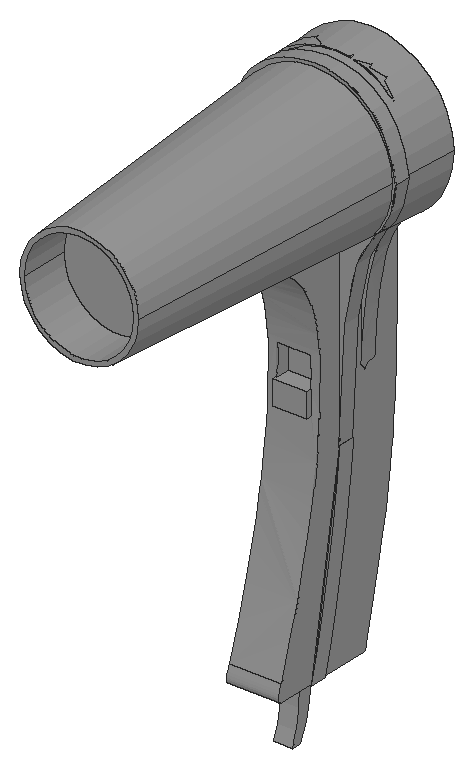
Revit family "DPHD0031", category Generic Models, Revit 2017
Family settings
  Can host rebar = No
  Round Connector Dimension = Use Diameter
  Part Type = Normal
  Work Plane-Based = Yes
  Always vertical = No
  Cut with Voids When Loaded = No
  Shared = No
  Room Calculation Point = No
Parameters
  Website = "https://dolphy.in/"  # constant formula
  Default Elevation = 1219.2 mm
  Contact number = "+91 9520202035"  # constant formula
  Contact email = "info@dolphy.in"  # constant formula
  Company name = "Dolphy India"  # constant formula
Reference planes
  plane 1 "Center (Front/Back)": y = 0
  plane 2: z = 0
  plane 3 "Center (Left/Right)": x = 0
  plane 4: y = 0
  plane 5: y = 37.998
  plane 6: y = -115.002
  plane 7: z = 225
Forms (mm)
  Blend 1, solid, material "ABS Plastic"
    base sketch origin (0, -77.002, 0) x (1, 0, 0) y (0, 0, 1)
      loop
        circle (0, 190) r 25
    top sketch origin (0, -77.002, 0) x (1, 0, 0) y (0, 0, 1)
      loop
        circle (0, 190) r 35
    from 38 to -115
  Extrusion 2, solid, material "ABS Plastic"
    sketch origin (0, -77.002, 0) x (0, 1, 0) y (0, 0, 1)
      loop
        spline (50.507, 164.334) -> (63.268, 154.875) -> (69.626, 145.373) -> (72.578, 136.55) -> (74.239, 128.644) -> (75.035, 120.95) -> (75.198, 112.66) -> (74.957, 102.964) -> (74.249, 91.082) -> (72.503, 76.284) -> (69.099, 57.846) -> (63.416, 35.042) -> (54.833, 7.148)
        spline (54.833, 7.148) -> (54.581, 6.448) -> (54.287, 5.694) -> (53.982, 4.908) -> (53.693, 4.111) -> (53.451, 3.327) -> (53.283, 2.575) -> (53.22, 1.88) -> (53.29, 1.261) -> (53.522, 0.742) -> (53.946, 0.345) -> (54.589, 0.09) -> (55.482, 0)
        line (55.482, 0) -> (96.802, 0)
        spline (96.802, 0) -> (97.326, -0.019) -> (97.762, 0.043) -> (98.121, 0.186) -> (98.415, 0.409) -> (98.655, 0.711) -> (98.851, 1.092) -> (99.015, 1.551) -> (99.158, 2.087) -> (99.292, 2.7) -> (99.427, 3.389) -> (99.574, 4.153) -> (99.744, 4.992)
        spline (99.744, 4.992) -> (105.426, 29.089) -> (109.226, 47.711) -> (111.595, 62.116) -> (112.987, 73.559) -> (113.848, 83.29) -> (114.457, 92.251) -> (114.869, 100.979) -> (115.121, 109.983) -> (115.253, 119.772) -> (115.296, 130.92) -> (115.277, 144.081) -> (115.219, 159.915)
        line (115.219, 159.915) -> (50.507, 164.334)
    from -11.022 to 10.735
  Extrusion 3, solid, material "ABS Plastic"
    sketch origin (0, -77.002, 0) x (1, 0, 0) y (0, 0, 1)
      loop
        spline (33.543, 190) -> (30.823, 202.296) -> (25.946, 211.5) -> (19.444, 217.92) -> (11.845, 221.863) -> (3.68, 223.639) -> (-4.521, 223.555) -> (-12.248, 221.896) -> (-19.182, 218.732) -> (-25.11, 214.011) -> (-29.818, 207.684) -> (-33.095, 199.697) -> (-34.727, 190)
        spline (-34.727, 190) -> (-32.541, 178.214) -> (-29.163, 171.252) -> (-25.412, 166.617) -> (-21.988, 162.039) -> (-19.032, 156.27) -> (-16.525, 148.349) -> (-14.45, 137.316) -> (-12.791, 122.209) -> (-11.531, 102.068) -> (-10.651, 75.932) -> (-10.136, 42.842) -> (-9.969, 1.835)
        line (-9.969, 1.835) -> (8.785, 1.835)
        spline (8.785, 1.835) -> (8.953, 42.822) -> (9.468, 75.902) -> (10.347, 102.037) -> (11.607, 122.187) -> (13.267, 137.311) -> (15.342, 148.371) -> (17.85, 156.325) -> (20.809, 162.134) -> (24.235, 166.758) -> (27.99, 171.431) -> (31.369, 178.366) -> (33.543, 190)
    from -103.6 to -96.697
  Extrusion 4, void
    sketch origin (0, -77.002, 0) x (0, 1, 0) y (0, 0, 1)
      loop
        spline (115, 112.335) -> (114.239, 93.388) -> (113.571, 82.146) -> (112.901, 74.83) -> (112.149, 68.165) -> (111.336, 61.648) -> (110.511, 55.707) -> (109.616, 50.146) -> (108.451, 43.995) -> (106.812, 36.231) -> (104.558, 26.121) -> (101.78, 13.898) -> (98.613, 0)
        line (98.613, 0) -> (115, 0) -> (115, 112.335)
    from -33.304 to 38.178
  Extrusion 5, void
    sketch origin (0, -77.002, 0) x (1, 0, 0) y (0, 0, 1)
      loop
        circle (0, 190) r 23
    from 17.64 to 38
  Extrusion 6, solid, material "ABS Plastic White"
    sketch origin (0, -100.238, 0) x (1, 0, 0) y (0, 0, 1)
      loop
        spline (34.604, 190) -> (31.847, 202.459) -> (26.906, 211.785) -> (20.317, 218.29) -> (12.618, 222.286) -> (4.345, 224.085) -> (-3.965, 224) -> (-11.795, 222.319) -> (-18.821, 219.113) -> (-24.827, 214.33) -> (-29.598, 207.918) -> (-32.918, 199.826) -> (-34.572, 190)
        spline (-34.572, 190) -> (-32.386, 178.214) -> (-29.007, 171.252) -> (-25.257, 166.617) -> (-21.833, 162.039) -> (-18.876, 156.27) -> (-16.369, 148.349) -> (-14.295, 137.316) -> (-12.636, 122.209) -> (-11.375, 102.068) -> (-10.496, 75.932) -> (-9.981, 42.842) -> (-9.813, 1.835)
        line (-9.813, 1.835) -> (9.845, 1.835)
        spline (9.845, 1.835) -> (10.013, 42.822) -> (10.528, 75.902) -> (11.407, 102.037) -> (12.668, 122.187) -> (14.327, 137.311) -> (16.402, 148.371) -> (18.911, 156.325) -> (21.869, 162.134) -> (25.296, 166.758) -> (29.05, 171.431) -> (32.43, 178.366) -> (34.604, 190)
    from -115.045 to -108.235
  Extrusion 7, solid, material "ABS Plastic White"
    sketch origin (0, -77.002, 0) x (0, 1, 0) y (0, 0, 1)
      loop
        spline (85.072, 94.138) -> (84.994, 92.18) -> (84.747, 88.79) -> (84.316, 84.076) -> (83.686, 78.147) -> (82.84, 71.112) -> (81.763, 63.079) -> (80.44, 54.157) -> (78.853, 44.453) -> (76.989, 34.078) -> (74.83, 23.138) -> (72.362, 11.742) -> (69.568, 0)
        line (69.568, 0) -> (76.377, 0)
        spline (76.377, 0) -> (79.171, 11.742) -> (81.639, 23.138) -> (83.798, 34.078) -> (85.663, 44.453) -> (87.249, 54.157) -> (88.572, 63.079) -> (89.649, 71.112) -> (90.495, 78.147) -> (91.125, 84.076) -> (91.556, 88.79) -> (91.803, 92.18) -> (91.882, 94.138)
        line (91.882, 94.138) -> (85.072, 94.138)
    from -11.265 to -8.696
  Extrusion 8, solid, material "ABS Plastic White"
    sketch origin (0, -76.377, 0) x (0, 1, 0) y (0, 0, -1)
      loop
        line (84.375, -83.974) -> (91.198, -83.974)
        spline (91.198, -83.974) -> (91.107, -82.225) -> (90.852, -79.198) -> (90.419, -74.989) -> (89.795, -69.697) -> (88.967, -63.419) -> (87.922, -56.25) -> (86.648, -48.29) -> (85.131, -39.634) -> (83.358, -30.38) -> (81.317, -20.625) -> (78.994, -10.466) -> (76.377, 0)
        line (76.377, 0) -> (69.568, 0)
        spline (69.568, 0) -> (72.184, -10.464) -> (74.505, -20.62) -> (76.544, -30.369) -> (78.315, -39.617) -> (79.831, -48.267) -> (81.104, -56.222) -> (82.147, -63.387) -> (82.974, -69.664) -> (83.597, -74.958) -> (84.03, -79.171) -> (84.285, -82.209) -> (84.375, -83.974)
    from -11.265 to -8.696
  Extrusion 9, void
    sketch origin (0, -77.002, 41.25) x (1, 0, 0) y (0, 0, 1)
      loop
        line (-0.002, 79.588) -> (-7.297, 79.588) -> (-7.297, 56.588) -> (6.998, 56.588) -> (6.998, 79.588) -> (-0.002, 79.588)
    from -80.811 to -67.048
  Extrusion 10, solid, material "ABS Plastic"
    sketch origin (0, -77.002, 0) x (1, 0, 0) y (0, 0, 1)
      loop
        line (-7.297, 107.838) -> (-7.297, 97.838) -> (6.998, 97.838) -> (6.998, 107.838) -> (-7.297, 107.838)
    from -80.811 to -72.905
  Extrusion 11, solid, material "ABS Plastic"
    sketch origin (0, -121.252, 0) x (0, 1, 0) y (0, 0, 1)
      loop
        spline (111.814, 0) -> (112.84, -1.395) -> (113.618, -2.311) -> (114.216, -2.868) -> (114.702, -3.19) -> (115.144, -3.395) -> (115.624, -3.547) -> (116.239, -3.656) -> (117.085, -3.729) -> (118.259, -3.773) -> (119.857, -3.796) -> (121.975, -3.805) -> (124.711, -3.806)
        line (124.711, -3.806) -> (126.522, -2.962) -> (127.315, 0) -> (111.814, 0)
    from -6.282 to 6.214
  Extrusion 12, solid, material "ABS Plastic"
    sketch origin (0, -115.002, 0) x (0, 1, 0) y (0, 0, 1)
      loop
        spline (111.132, -3.318) -> (111.087, -5.342) -> (110.974, -7.458) -> (110.797, -9.628) -> (110.562, -11.817) -> (110.272, -13.992) -> (109.933, -16.117) -> (109.549, -18.156) -> (109.124, -20.074) -> (108.664, -21.837) -> (108.171, -23.409) -> (107.653, -24.755) -> (107.112, -25.84)
        line (107.112, -25.84) -> (111.149, -25.84)
        spline (111.149, -25.84) -> (112.061, -24.153) -> (112.874, -22.429) -> (113.596, -20.669) -> (114.233, -18.874) -> (114.792, -17.045) -> (115.278, -15.181) -> (115.7, -13.284) -> (116.062, -11.354) -> (116.373, -9.391) -> (116.639, -7.398) -> (116.866, -5.373) -> (117.061, -3.318)
        line (117.061, -3.318) -> (111.132, -3.318)
    from -3.891 to 3.866
Cuts and joins
  Extrusion 5 cuts Blend 1
  Extrusion 9 cuts Extrusion 2
  joined: Blend 1, Extrusion 2
  Extrusion 4 cuts Extrusion 3
  joined: Extrusion 11, Extrusion 12
Dimensions and locks
  plane 6 to plane 5 = 153 mm
  aligned and locked: level to plane 2
